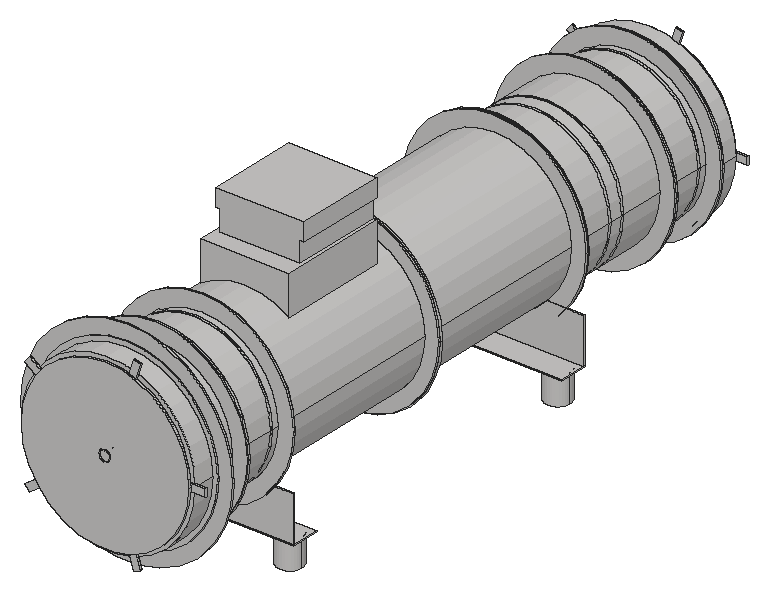
Revit family "HARMANN - MAXEE_HT - poziomy", category Mechanical Equipment, host Face, Revit 2022
Family settings
  Host = Face
  Round Connector Dimension = Use Diameter
  Classification = None
  Part Type = Normal
  Cut with Voids When Loaded = No
  Maintain Annotation Orientation = No
  Shared = No
  Room Calculation Point = No
Parameters (values of type "MAXEE.HT 315/2/5800T")
  Zaznacz wybrane akcesoria [instance] = "Wybierz akcesoria"  # constant formula
  Zasilanie natężenie maksymalne Imax = 1.9 A
  Zasilanie napięcie nominalne Unom = 400 V  # constant formula
  Zasilanie Moc maksymalna Pmax = 1386 W
  Zasilanie Ilość faz = 3  # constant formula
  Zasilanie Częstotliwość Nominalna fnom = 50 Hz  # constant formula
  Zasilanie Częstotliwość Minimalna fmin = 20 Hz  # constant formula
  Zasilanie Częstotliwość Maksymalna fmax = 60 Hz
  Wysokość FSD = size_lookup(Lookup Table Name, "Wysokość FSD", 1.00 mm, N1)  # 57.00 mm
  Wysokość FAL = size_lookup(Lookup Table Name, "Wysokość FAL", 1.00 mm, N1)  # 98.00 mm
  Wysokość = R2 - (Wysokość FAL / 2) + 8.00 mm  # 116.50 mm
  Temperatura pracy T = 60 °C  # constant formula
  TRA [instance] = and(D > 999.00 mm, D < 1251.00 mm)  # no
  Rzeczywista Wartość Przepływu Wylot [instance] = Podaj Rzeczywistą Wartość Przepływu Wylot  # 0.0 m³/h
  Rzeczywista Wartość Przepływu Wlot [instance] = Podaj Rzeczywistą Wartość Przepływu Wlot  # 0.0 m³/h
  R2 = D / 2  # 157.50 mm
  Wyłącznik serwisowy GS F4 [instance] = 1 = 1  # yes
  Podaj Rzeczywistą Wartość Przepływu Wylot [instance] = 0.0 m³/h
  Podaj Rzeczywistą Wartość Przepływu Wlot [instance] = 0.0 m³/h
  Odległość pomiędzy stopami wentylatora [instance] = if(Czy Przyłącze okrągłe RVS, 3.00 mm, Długość RVS SPR + 3.00 mm)  # 3.00 mm
  Długość RVS SPR [instance] = if(Czy Przyłącze okrągłe RVS, Długość RVS, 0.00 mm)  # 383.00 mm
  Długość RVK H F4 SPR [instance] = if(Czy Klapa Zwrotna RVK H F4, Długość RVK H F4, 0.00 mm)  # 233.00 mm
  Długość RVK H F4 [instance] = size_lookup(Lookup Table Name, "Długość RVK H F4", 1.00 mm, N1)  # 233.00 mm
  Długość RAS F4 od strony tłoczonej SPR [instance] = if(Czy Złącze Elastyczne RAS F4, Długość RAS F4, 0.00 mm)  # 120.00 mm
  Długość RAS F4 SPR [instance] = if(Czy Złącze Elastyczne RAS F4 od strony tłocznej, Długość RAS F4, 0.00 mm)  # 120.00 mm
  Długość RAF SPR [instance] = if(Czy Kołnierz Wlotowy RAF od strony tłocznej, Długość RAF, 0.00 mm)  # 48.00 mm
  Długość ESD SPR [instance] = if(Czy Dysza wlotowa ESD, Długość ESD, 0.00 mm)  # 79.00 mm
  Czy Siatka Ochronna SGW od strony ssawnej [instance] = yes
  Czy Siatka Ochronna SGW od strony tłocznej [instance] = yes
  Czy Przyłącze okrągłe RVS [instance] = yes
  Powietrze ciśnienie statyczne maksymalne dPmax = 490.0 Pa
  Powietrze Przepływ Maksymalny Qmax = 5810.0 m³/h
  Obroty nominalne nnom = 2880.000 RPM
  Numer artykułu = size_lookup(Lookup Table Name, "Numer artykułu", "n/a", N1)  # "15470300"
  N1 = 2 mm
  Model = size_lookup(Lookup Table Name, "Model", "n/a", N1)  # "MAXEE.HT 315/2/5800T"
  Moc akustyczna nominalna obudowa Lwa = "75 dB(A)"
  Masa = 18.50 kg
  Manufacturer = "Harmann Polska Sp. z o.o."  # constant formula
  MAXEE_HT = HARMANN - MAXEE_HT : MAXEE.HT 315/2/5800T
  Lookup Table Name = "MAXEE_HT"
  Klasa odporności ogniowej Tmax = "400 [oC/2h]"  # constant formula
  F = size_lookup(Lookup Table Name, "F", 1.00 mm, N1)  # 396.00 mm
  Długość TRA [instance] = if(Czy Przyłącze okrągłe RVS, Długość RVS + Długość MAXEE - (23.50 mm * 2), Długość MAXEE - (23.50 mm * 2))  # 719.00 mm
  Długość RVS [instance] = size_lookup(Lookup Table Name, "Długość RVS", 1.00 mm, N1)  # 383.00 mm
  Długość RAS F4 [instance] = size_lookup(Lookup Table Name, "Długość RAS F4", 1.00 mm, N1)  # 120.00 mm
  Długość RAF [instance] = size_lookup(Lookup Table Name, "Długość RAF", 1.00 mm, N1)  # 48.00 mm
  Długość MAXEE = size_lookup(Lookup Table Name, "B", 1.00 mm, N1)  # 383.00 mm
  Długość ESD [instance] = size_lookup(Lookup Table Name, "Długość ESD", 1.00 mm, N1)  # 79.00 mm
  Description = "Kanałowy wentylator oddymiający"  # constant formula
  Default Elevation = 1219.20 mm
  D2 = D + 6.00 mm  # 321.00 mm
  D = size_lookup(Lookup Table Name, "D", 1.00 mm, N1)  # 315.00 mm
  Czy Złącze Elastyczne RAS F4 [instance] = yes
  Czy Złącze Elastyczne RAS F4 od strony tłocznej [instance] = yes
  Czy Kołnierz Wlotowy RAF od strony tłocznej [instance] = 1 = 1  # yes
  Czy Kołnierz Wlotowy RAF od strony ssawnej [instance] = 1 = 1  # yes
  Czy Klapa Zwrotna RVK H F4 [instance] = yes
  Czy Dysza wlotowa ESD [instance] = yes
  Ciśnienie akustyczne nominalne obudowa Lpa = "68 dB(A)"
  C = size_lookup(Lookup Table Name, "C", 1.00 mm, N1)  # 355.00 mm
  B = size_lookup(Lookup Table Name, "B", 1.00 mm, N1)  # 383.00 mm
  Autor = "https://www.archispace.com/"
  Akcesoria od strony tłocznej (WYLOT) [instance] = "Akcesoria od strony tłocznej"  # constant formula
  Akcesoria od strony ssawnej (WLOT) [instance] = "Akcesoria od strony ssawnej"  # constant formula
  Akc SGE dla ESD = HARMANN - Akcesoria - SGE : SGE 355
  Akc SGE = HARMANN - Akcesoria - SGE : SGE 315
  Akc RVS = HARMANN - Akcesoria - RVS : RVS 315
  Akc RVK H F4 = HARMANN - Akcesoria - RVK H F4 : RVK H 315 F4
  Akc RAS F4 = HARMANN - Akcesoria - RAS F4 : RAS 315 F4
  Akc RAF = HARMANN - Akcesoria - RAF : RAF 315
  Akc FSD = HARMANN - Akcesoria - FSD : FSD 01
  Akc FAL = HARMANN - Akcesoria - FAL : FAL 315
  Akc ESD = HARMANN - Akcesoria - ESD : ESD 315
  A = size_lookup(Lookup Table Name, "A", 1.00 mm, N1)  # 380.00 mm
Reference planes
  plane 1 "Center (Front/Back)": y = 0
  plane 2: z = 0
  plane 3 "Center (Left/Right)": x = 0
  plane 4: z = 57
  plane 5: z = 271.5
  plane 6: y = 766
  plane 7: y = 383
  plane 8: y = -120
  plane 9: y = -199
  plane 10: y = 1119
  plane 11: y = 1167
  plane 12: y = 999
  plane 13: y = 54
  plane 14: y = 763
  plane 15: x = -190
  plane 16: x = 190
  plane 17: z = 155
  plane 18: y = -247
Dimensions and locks
  "Wysokość FSD": plane 4 to level
  "Wysokość": plane 5 to plane 17
  "Długość RVS SPR": plane 6 to plane 7
  "Długość MAXEE": plane 1 "Center (Front/Back)" to plane 7
  "Długość RAS F4 od strony tłoczonej SPR": plane 8 to plane 1 "Center (Front/Back)"
  "Długość ESD SPR": plane 8 to plane 9
  "Długość RAF SPR": plane 11 to plane 10
  "Długość RVK H F4 SPR": plane 12 to plane 6
  "Długość RAS F4 SPR": plane 10 to plane 12
  locked: plane 13 to plane 1 "Center (Front/Back)" at 54
  "Odległość pomiędzy stopami wentylatora": plane 6 to plane 14
  equal spacing: plane 15, plane 3 "Center (Left/Right)", plane 16
  "A": plane 15 to plane 16
  locked: plane 15 to nested 17 at 32.5
  locked: plane 14 to nested 17 at 5
  "Wysokość FAL": plane 17 to plane 4
  locked: nested 21 to plane 16 at 32.5
  locked: plane 14 to nested 21 at 31
  locked: plane 1 "Center (Front/Back)" to nested 23 at 31
  locked: plane 1 "Center (Front/Back)" to nested 22 at 31
  locked: plane 15 to nested 22 at 32.5
  locked: nested 23 to plane 16 at 32.5
  plane 5 to level = 271.50 mm
  locked: plane 1 "Center (Front/Back)" to nested 24 at 23.5
  locked: plane 1 "Center (Front/Back)" to nested 25 at 23.5
  "Długość RAF SPR": plane 9 to plane 18
  nested 26 to plane 16 = 190.00 mm
  aligned and locked: plane 2 to host face
  aligned and locked: level to host face
  aligned and locked: plane 3 "Center (Left/Right)" to nested 3
  aligned and locked: plane 5 to nested 3
  aligned and locked: nested 3 to plane 6
  aligned and locked: plane 1 "Center (Front/Back)" to nested 5
  aligned and locked: plane 3 "Center (Left/Right)" to nested 5
  aligned and locked: plane 5 to nested 5
  aligned and locked: plane 3 "Center (Left/Right)" to nested 1
  aligned and locked: plane 3 "Center (Left/Right)" to nested 6
  aligned and locked: plane 3 "Center (Left/Right)" to nested 2
  aligned and locked: plane 5 to nested 7
  aligned and locked: plane 5 to nested 6
  aligned and locked: plane 5 to nested 1
  aligned and locked: plane 5 to nested 2
  aligned and locked: plane 1 "Center (Front/Back)" to nested 6
  aligned and locked: nested 7 to plane 9
  aligned and locked: plane 3 "Center (Left/Right)" to nested 7
  aligned and locked: nested 1 to plane 10
  aligned and locked: nested 2 to plane 11
  aligned and locked: plane 5 to nested 12
  aligned and locked: plane 3 "Center (Left/Right)" to nested 12
  aligned and locked: nested 12 to plane 12
  aligned and locked: nested 15 to plane 3 "Center (Left/Right)"
  aligned and locked: plane 3 "Center (Left/Right)" to nested 16
  aligned and locked: nested 16 to plane 11
  aligned and locked: nested 19 to plane 14
  aligned and locked: plane 3 "Center (Left/Right)" to nested 19
  aligned and locked: plane 1 "Center (Front/Back)" to nested 20
  aligned and locked: nested 20 to plane 3 "Center (Left/Right)"
  aligned and locked: nested 19 to plane 4
  aligned and locked: plane 4 to nested 20
  aligned and locked: nested 24 to plane 16
  aligned and locked: nested 25 to plane 15
  aligned and locked: nested 25 to plane 4
  aligned and locked: plane 4 to nested 24
  aligned and locked: nested 26 to plane 3 "Center (Left/Right)"
  aligned and locked: nested 15 to plane 18
  aligned and locked: plane 5 to nested 26
  aligned and locked: plane 5 to nested 15
  aligned and locked: nested 26 to plane 18
  aligned and locked: plane 5 to nested 16
Automatic sketch dimensions
  host sketch curve to host sketch curve = 2438.40 mm  (x2)
Nested families
  nested 1: "HARMANN - Akcesoria - RAS F4" at (0, 999, 271.5), visible <- "Czy Złącze Elastyczne RAS F4 od strony tłocznej", type <- "Akc RAS F4", type "RAS 315 F4"
  nested 2: "HARMANN - Akcesoria - RAF" at (0, 1119, 271.5), type <- "Akc RAF", visible <- "Czy Kołnierz Wlotowy RAF od strony tłocznej", type "RAF 315"
  nested 3: "HARMANN - Akcesoria - RVS" at (0, 383, 271.5), type <- "Akc RVS", visible <- "Czy Przyłącze okrągłe RVS", type "RVS 315"
  nested 4: "HARMANN - Akcesoria - RVS" at (0, 383, 758), type <- "Akc RVS", visible <- "Czy Przyłącze okrągłe RVS", type "RVS 315", not visible
  nested 5: "HARMANN - MAXEE_HT" at (0, 0, 271.5), type <- "MAXEE_HT", type "MAXEE.HT 315/2/5800T"
  nested 6: "HARMANN - Akcesoria - RAS F4" at (0, -120, 271.5), visible <- "Czy Złącze Elastyczne RAS F4", type <- "Akc RAS F4", type "RAS 315 F4"
  nested 7: "HARMANN - Akcesoria - ESD" at (0, -199, 271.5), type <- "Akc ESD", visible <- "Czy Dysza wlotowa ESD", type "ESD 315"
  nested 8: "HARMANN - Akcesoria - RAS F4" at (0, -120, 758), visible <- "Czy Złącze Elastyczne RAS F4", type <- "Akc RAS F4", type "RAS 315 F4", not visible
  nested 9: "HARMANN - Akcesoria - ESD" at (0, -759, 758), type <- "Akc ESD", visible <- "Czy Dysza wlotowa ESD", type "ESD 315", not visible
  nested 10: "HARMANN - Akcesoria - RAS F4" at (0, 1306, 758), visible <- "Czy Złącze Elastyczne RAS F4 od strony tłocznej", type <- "Akc RAS F4", type "RAS 315 F4", not visible
  nested 11: "HARMANN - Akcesoria - RAF" at (0, 1526, 758), type <- "Akc RAF", visible <- "Czy Kołnierz Wlotowy RAF od strony tłocznej", type "RAF 315", not visible
  nested 12: "HARMANN - Akcesoria - RVK H F4" at (0, 766, 271.5), visible <- "Czy Klapa Zwrotna RVK H F4", type <- "Akc RVK H F4", type "RVK H 315 F4"
  nested 13: "HARMANN - Akcesoria - RVK H F4" at (0, 833, 415.5), visible <- "Czy Klapa Zwrotna RVK H F4", type <- "Akc RVK H F4", type "RVK H 315 F4", not visible
  nested 14: "HARMANN - Akcesoria - SGE" at (0, -431, 758), visible <- "Czy Siatka Ochronna SGW od strony ssawnej", type <- "Akc SGE dla ESD", type "SGE 355", not visible
  nested 15: "HARMANN - Akcesoria - SGE" at (0, -247, 271.5), visible <- "Czy Siatka Ochronna SGW od strony ssawnej", type <- "Akc SGE dla ESD", type "SGE 355"
  nested 16: "HARMANN - Akcesoria - SGE" at (0, 1167, 271.5), visible <- "Czy Siatka Ochronna SGW od strony tłocznej", type <- "Akc SGE dla ESD", type "SGE 355"
  nested 17: "HARMANN - Akcesoria - FSD" at (-157.5, 732, 0), type <- "Akc FSD", type "FSD 01"
  nested 18: "HARMANN - Akcesoria - SGE" at (0, 1167, 647), visible <- "Czy Siatka Ochronna SGW od strony tłocznej", type <- "Akc SGE dla ESD", type "SGE 355", not visible
  nested 19: "HARMANN - Akcesoria - FAL" at (0, 763, 57), type <- "Akc FAL", R2 <- "R2", type "FAL 315"
    with R2 157.50 mm
  nested 20: "HARMANN - Akcesoria - FAL" at (0, 0, 57), type <- "Akc FAL", R2 <- "R2", type "FAL 315"
    with R2 157.50 mm
  nested 21: "HARMANN - Akcesoria - FSD" at (157.5, 732, 0), type <- "Akc FSD", type "FSD 01"
  nested 22: "HARMANN - Akcesoria - FSD" at (-157.5, 31, 0), type <- "Akc FSD", type "FSD 01"
  nested 23: "HARMANN - Akcesoria - FSD" at (157.5, 31, 0), type <- "Akc FSD", type "FSD 01"
  nested 24: "HARMANN - Akcesoria - TRA" at (190, 383, 57) x (0, 1, 0) z (0, 0, 1), visible <- "TRA", C <- "Długość TRA", type "HARMANN - Akcesoria - TRA"
    with C 719.00 mm
  nested 25: "HARMANN - Akcesoria - TRA" at (-190, 383, 57) x (0, 1, 0) z (0, 0, 1), visible <- "TRA", C <- "Długość TRA", type "HARMANN - Akcesoria - TRA"
    with C 719.00 mm
  nested 26: "HARMANN - Akcesoria - RAF" at (0, -199, 271.5), type <- "Akc RAF", visible <- "Czy Kołnierz Wlotowy RAF od strony ssawnej", type "RAF 315"
  nested 27: "HARMANN - Akcesoria - RAF" at (0, -799, 727), type <- "Akc RAF", visible <- "Czy Kołnierz Wlotowy RAF od strony ssawnej", type "RAF 315", not visible
Connectors
  electrical at (0, 244.75, 564), driven by "Zasilanie Ilość faz", driven by "Zasilanie napięcie nominalne Unom", driven by "Zasilanie Moc maksymalna Pmax", driven by "Zasilanie Moc maksymalna Pmax"
    settings: on nested 5, index 1, voltage 400 V, apparent load 1386 VA, apparent load phase1 1386 VA, apparent load phase2 0 VA, apparent load phase3 0 VA, power factor 1, load classification "Other", number of poles 3, system type 30, power factor state 1, is connector primary yes, connector utility no, sub classification motor no, connector description ""
  hvac at (0, 1119, 271.5), driven by "D", driven by "Rzeczywista Wartość Przepływu Wylot"
    settings: on nested 2, index 2, duct flow 0.0 m³/h, flow factor 0, pres drop 0.0 Pa, loss coef 0, conn angle 0.00°, conn width 304.8 mm, conn height 304.8 mm, conn diameter 315 mm, duct sys type 29, conn prof type 0, flow config 0, flow direction 2, loss method 0, conn ref index -1, conn util no, is conn primary yes, conn desc ""
  hvac at (0, -199, 271.5), driven by "D", driven by "Rzeczywista Wartość Przepływu Wlot"
    settings: on nested 26, index 3, duct flow 0.0 m³/h, flow factor 0, pres drop 0.0 Pa, loss coef 0, conn angle 0.00°, conn width 304.8 mm, conn height 304.8 mm, conn diameter 315 mm, duct sys type 29, conn prof type 0, flow config 1, flow direction 1, loss method 0, conn ref index -1, conn util no, is conn primary no, conn desc ""
Definition of nested family "HARMANN - Akcesoria - RAS F4"
  Parameters (values of type "RAS 315 F4")
    N1 = 1 mm
    Model = size_lookup(Lookup Table Name, "Model", "n/a", N1)  # "RAS 315 F4"
    Masa = 2.70 kg
    Manufacturer = "Harmann Polska Sp. z o.o."  # constant formula
    Lookup Table Name = "RAS F4"
    E = size_lookup(Lookup Table Name, "E", 1.00 mm, N1)  # 120.00 mm
    Description = "Złącze elastyczne"  # constant formula
    Default Elevation = 0.00 mm
    D = B + 4.00 mm  # 319.00 mm
    B = size_lookup(Lookup Table Name, "B", 1.00 mm, N1)  # 315.00 mm
    A2 = A + 30.00 mm  # 385.00 mm
    A = size_lookup(Lookup Table Name, "A", 1.00 mm, N1)  # 355.00 mm
  Types (13, lengths in mm): name | N1 | Model | Masa | E | D | B | A2 | A
    RAS 1000 F4 | 11 | "RAS 1000 F4" | 16.50 kg | 245.00 | 1004.00 | 1000.00 | 1100.00 | 1070.00
    RAS 315 F4 | 1 | "RAS 315 F4" | 2.70 kg | 120.00 | 319.00 | 315.00 | 385.00 | 355.00
    RAS 355 F4 | 2 | "RAS 355 F4" | 3.30 kg | 120.00 | 359.00 | 355.00 | 425.00 | 395.00
    RAS 400 F4 | 3 | "RAS 400 F4" | 3.70 kg | 105.00 | 404.00 | 400.00 | 480.00 | 450.00
    RAS 450 F4 | 4 | "RAS 450 F4" | 4.50 kg | 105.00 | 454.00 | 450.00 | 530.00 | 500.00
    RAS 500 F4 | 5 | "RAS 500 F4" | 6.00 kg | 153.00 | 504.00 | 500.00 | 590.00 | 560.00
    RAS 560 F4 | 6 | "RAS 560 F4" | 6.60 kg | 153.00 | 564.00 | 560.00 | 650.00 | 620.00
    RAS 630 F4 | 7 | "RAS 630 F4" | 7.40 kg | 153.00 | 634.00 | 630.00 | 720.00 | 690.00
    RAS 710 F4 | 8 | "RAS 710 F4" | 12.50 kg | 255.00 | 714.00 | 710.00 | 800.00 | 770.00
    RAS 800 F4 | 9 | "RAS 800 F4" | 13.20 kg | 255.00 | 804.00 | 800.00 | 890.00 | 860.00
    RAS 900 F4 | 10 | "RAS 900 F4" | 14.90 kg | 245.00 | 904.00 | 900.00 | 1000.00 | 970.00
    RAS 1120 F4 | 12 | "RAS 1120 F4" | 18.50 kg | 235.00 | 1124.00 | 1120.00 | 1220.00 | 1190.00
    RAS 1250 F4 | 13 | "RAS 1250 F4" | 20.60 kg | 235.00 | 1254.00 | 1250.00 | 1350.00 | 1320.00
  Reference planes
    plane 1 "Center (Front/Back)": y = 0
    plane 2: z = 0
    plane 3 "Center (Left/Right)": x = 0
    plane 4: x = -177.5
    plane 5: x = 177.5
    plane 6: z = 177.5
    plane 7: z = -177.5
    plane 8: y = 120
    plane 9 "Center L/S": y = 3
    plane 10: y = 117
    plane 11: y = 20
    plane 12: y = 100
  Forms (mm)
    Sweep 1, solid, detail levels medium+fine
      path origin (0, 0, 0) x (1, 0, 0) y (0, 1, 0)
        loop
          line (0, 117) -> (0, 3)
      profile origin (0, 60, 0) x (1, 0, 0) y (0, 0, 1)
        loop
          circle (0, 0) r 159.5
        loop
          circle (0, 0) r 157.5
    Sweep 2, solid, detail levels medium+fine
      path origin (0, 0, 0) x (1, 0, 0) y (0, 1, 0)
        loop
          line (0, 120) -> (0, 117)
      profile origin (0, 118.5, 0) x (1, 0, 0) y (0, 0, 1)
        loop
          circle (0, 0) r 192.5
        loop
          circle (0, 0) r 157.5
    Sweep 3, solid, detail levels medium+fine
      path origin (0, 0, 0) x (1, 0, 0) y (0, 1, 0)
        loop
          line (0, 3) -> (0, 0)
      profile origin (0, 1.5, 0) x (1, 0, 0) y (0, 0, 1)
        loop
          circle (0, 0) r 192.5
        loop
          circle (0, 0) r 157.5
    Sweep 4, solid, detail levels coarse
      path origin (0, 0, 0) x (1, 0, 0) y (0, 1, 0)
        loop
          line (0, 120) -> (0, 0)
      profile origin (0, 60, 0) x (1, 0, 0) y (0, 0, 1)
        loop
          circle (0, 0) r 192.5
    Sweep 5, solid, detail levels medium+fine
      path origin (0, 0, 0) x (1, 0, 0) y (0, 1, 0)
        loop
          line (0, 102) -> (0, 98)
      profile origin (0, 100, 0) x (1, 0, 0) y (0, 0, 1)
        loop
          circle (0, 0) r 159.5
        loop
          circle (0, 0) r 157.5
    Sweep 6, solid, detail levels medium+fine
      path origin (0, 0, 0) x (1, 0, 0) y (0, 1, 0)
        loop
          line (0, 22) -> (0, 18)
      profile origin (0, 20, 0) x (1, 0, 0) y (0, 0, 1)
        loop
          circle (0, 0) r 159.5
        loop
          circle (0, 0) r 157.5
  Dimensions and locks
    equal spacing: plane 5, plane 3 "Center (Left/Right)", plane 4
    "A": plane 5 to plane 4
    equal spacing: plane 6, level, plane 7
    "A": plane 6 to plane 7
    locked: plane 1 "Center (Front/Back)" to plane 9 "Center L/S" at 3
    locked: plane 10 to plane 8 at 3
    locked: plane 11 to plane 8 at 100
    "E": plane 1 "Center (Front/Back)" to plane 8
    locked: plane 1 "Center (Front/Back)" to plane 12 at 100
    equal spacing: Sweep 5 sketch curve, plane 12, Sweep 5 sketch curve
    Sweep 5 sketch curve to Sweep 5 sketch curve = 4.00 mm
    locked: Sweep 6 sketch curve to Sweep 6 sketch curve at 4
    equal spacing: Sweep 6 sketch curve, plane 11, Sweep 6 sketch curve
    "B": diameter of Sweep 1 sketch curve
    "B": diameter of Sweep 2 sketch curve
    "A2": diameter of Sweep 2 sketch curve
    "B": diameter of Sweep 3 sketch curve
    "A2": diameter of Sweep 3 sketch curve
    "A2": diameter of Sweep 4 sketch curve
    "D": diameter of Sweep 1 sketch curve
    "D": diameter of Sweep 5 sketch curve
    "B": diameter of Sweep 5 sketch curve
    "D": diameter of Sweep 6 sketch curve
    "B": diameter of Sweep 6 sketch curve
    aligned and locked: level to plane 2
    aligned and locked: Sweep 1 sketch curve to plane 3 "Center (Left/Right)"
    aligned and locked: plane 10 to Sweep 1 sketch curve
    aligned and locked: plane 9 "Center L/S" to Sweep 1 sketch curve
    aligned and locked: Sweep 2 sketch curve to plane 3 "Center (Left/Right)"
    aligned and locked: plane 8 to Sweep 2 sketch curve
    aligned and locked: plane 10 to Sweep 2 sketch curve
    aligned and locked: plane 1 "Center (Front/Back)" to Sweep 3 sketch curve
    aligned and locked: plane 9 "Center L/S" to Sweep 3 sketch curve
    aligned and locked: plane 8 to Sweep 4 sketch curve
    aligned and locked: plane 1 "Center (Front/Back)" to Sweep 4 sketch curve
  Automatic sketch dimensions
    Sweep 3 sketch curve to plane 3 "Center (Left/Right)" = 0.00 mm
    Sweep 4 sketch curve to plane 3 "Center (Left/Right)" = 0.00 mm
    Sweep 5 sketch curve to plane 3 "Center (Left/Right)" = 0.00 mm
    Sweep 6 sketch curve to plane 3 "Center (Left/Right)" = 0.00 mm
    Sweep 1 sketch curve to Sweep 1 sketch curve = 0.00 mm  (x2)
    Sweep 1 sketch curve to level = 0.00 mm
    profile plane to Sweep 1 sketch curve = 0.00 mm
    Sweep 2 sketch curve to Sweep 2 sketch curve = 0.00 mm  (x2)
    Sweep 2 sketch curve to level = 0.00 mm
    profile plane to Sweep 2 sketch curve = 0.00 mm
    Sweep 3 sketch curve to Sweep 3 sketch curve = 0.00 mm  (x2)
    Sweep 3 sketch curve to level = 0.00 mm
    profile plane to Sweep 3 sketch curve = 0.00 mm
    Sweep 4 sketch curve to level = 0.00 mm
    profile plane to Sweep 4 sketch curve = 0.00 mm
    Sweep 5 sketch curve to Sweep 5 sketch curve = 0.00 mm  (x2)
    Sweep 5 sketch curve to level = 0.00 mm
    profile plane to Sweep 5 sketch curve = 0.00 mm
    Sweep 6 sketch curve to Sweep 6 sketch curve = 0.00 mm  (x2)
    Sweep 6 sketch curve to level = 0.00 mm
    profile plane to Sweep 6 sketch curve = 0.00 mm
Definition of nested family "HARMANN - Akcesoria - RAF"
  Parameters (values of type "RAF 1250")
    Numer artykułu = size_lookup(Lookup Table Name, "Numer artykułu", "n/a", N1)  # "15750300"
    N1 = 13 mm
    Model = size_lookup(Lookup Table Name, "Model", "n/a", N1)  # "RAF 1250"
    Manufacturer = "Harmann Polska Sp. z o.o."  # constant formula
    Lookup Table Name = "RAF"
    E = size_lookup(Lookup Table Name, "E", 1.00 mm, N1)  # 105.00 mm
    Description = "Kołnierz wlotowy dedykowany dla wentylatorów kanałowych MAXEE."
    Default Elevation = 0.00 mm
    B = size_lookup(Lookup Table Name, "B", 1.00 mm, N1)  # 1244.00 mm
    A2 = A + 30.00 mm  # 1350.00 mm
    B2 = B + 54.00 mm  # 1298.00 mm
    A = size_lookup(Lookup Table Name, "A", 1.00 mm, N1)  # 1320.00 mm
  Types (13, lengths in mm): name | Numer artykułu | N1 | Model | E | B | A2 | B2 | A
    RAF 1000 | "15741400" | 11 | "RAF 1000" | 110.00 | 994.00 | 1100.00 | 1048.00 | 1070.00
    RAF 315 | "15401600" | 1 | "RAF 315" | 48.00 | 310.00 | 385.00 | 364.00 | 355.00
    RAF 355 | "15401800" | 2 | "RAF 355" | 48.00 | 350.00 | 425.00 | 404.00 | 395.00
    RAF 400 | "15401900" | 3 | "RAF 400" | 40.00 | 395.00 | 480.00 | 449.00 | 450.00
    RAF 450 | "15402000" | 4 | "RAF 450" | 40.00 | 446.00 | 530.00 | 500.00 | 500.00
    RAF 500 | "15402100" | 5 | "RAF 500" | 63.00 | 495.00 | 590.00 | 549.00 | 560.00
    RAF 560 | "15402200" | 6 | "RAF 560" | 63.00 | 555.00 | 650.00 | 609.00 | 620.00
    RAF 630 | "15402300" | 7 | "RAF 630" | 63.00 | 625.00 | 720.00 | 679.00 | 690.00
    RAF 710 | "15402400" | 8 | "RAF 710" | 59.00 | 705.00 | 800.00 | 759.00 | 770.00
    RAF 800 | "15739500" | 9 | "RAF 800" | 58.00 | 794.00 | 890.00 | 848.00 | 860.00
    RAF 900 | "15740600" | 10 | "RAF 900" | 53.00 | 894.00 | 1000.00 | 948.00 | 970.00
    RAF 1120 | "15749700" | 12 | "RAF 1120" | 105.00 | 1114.00 | 1220.00 | 1168.00 | 1190.00
    RAF 1250 | "15750300" | 13 | "RAF 1250" | 105.00 | 1244.00 | 1350.00 | 1298.00 | 1320.00
  Reference planes
    plane 1 "Center (Front/Back)": y = 0
    plane 2: z = 0
    plane 3 "Center (Left/Right)": x = 0
    plane 4: x = -660
    plane 5: x = 660
    plane 6: z = 660
    plane 7: z = -660
    plane 8: y = 105
    plane 9 "Center L/S": y = 3
  Forms (mm)
    Sweep 1, solid, detail levels medium+fine
      path origin (0, 0, 0) x (1, 0, 0) y (0, 1, 0)
        loop
          line (0, 105) -> (0, 3)
      profile origin (0, 54, 0) x (1, 0, 0) y (0, 0, 1)
        loop
          circle (0, 0) r 622
        loop
          circle (0, 0) r 649
    Sweep 2, solid, detail levels medium+fine
      path origin (0, 0, 0) x (1, 0, 0) y (0, 1, 0)
        loop
          line (0, 3) -> (0, 0)
      profile origin (0, 1.5, 0) x (1, 0, 0) y (0, 0, 1)
        loop
          circle (0, 0) r 675
        loop
          circle (0, 0) r 622
    Sweep 3, solid, detail levels coarse
      path origin (0, 0, 0) x (1, 0, 0) y (0, 1, 0)
        loop
          line (0, 105) -> (0, 0)
      profile origin (0, 52.5, 0) x (1, 0, 0) y (0, 0, 1)
        loop
          circle (0, 0) r 675
  Dimensions and locks
    equal spacing: plane 5, plane 3 "Center (Left/Right)", plane 4
    "A": plane 5 to plane 4
    equal spacing: plane 6, level, plane 7
    "A": plane 6 to plane 7
    locked: plane 1 "Center (Front/Back)" to plane 9 "Center L/S" at 3
    "E": plane 1 "Center (Front/Back)" to plane 8
    "B2": diameter of Sweep 1 sketch curve
    "B": diameter of Sweep 2 sketch curve
    "A2": diameter of Sweep 2 sketch curve
    "A2": diameter of Sweep 3 sketch curve
    "B": diameter of Sweep 1 sketch curve
    aligned and locked: level to plane 2
    aligned and locked: Sweep 1 sketch curve to plane 3 "Center (Left/Right)"
    aligned and locked: plane 9 "Center L/S" to Sweep 1 sketch curve
    aligned and locked: plane 1 "Center (Front/Back)" to Sweep 2 sketch curve
    aligned and locked: plane 9 "Center L/S" to Sweep 2 sketch curve
    aligned and locked: plane 8 to Sweep 3 sketch curve
    aligned and locked: plane 1 "Center (Front/Back)" to Sweep 3 sketch curve
    aligned and locked: plane 8 to Sweep 1 sketch curve
  Automatic sketch dimensions
    Sweep 2 sketch curve to plane 3 "Center (Left/Right)" = 0.00 mm
    Sweep 3 sketch curve to plane 3 "Center (Left/Right)" = 0.00 mm
    Sweep 1 sketch curve to Sweep 1 sketch curve = 0.00 mm  (x2)
    Sweep 1 sketch curve to level = 0.00 mm
    profile plane to Sweep 1 sketch curve = 0.00 mm
    Sweep 2 sketch curve to Sweep 2 sketch curve = 0.00 mm  (x2)
    Sweep 2 sketch curve to level = 0.00 mm
    profile plane to Sweep 2 sketch curve = 0.00 mm
    Sweep 3 sketch curve to level = 0.00 mm
    profile plane to Sweep 3 sketch curve = 0.00 mm
Definition of nested family "HARMANN - Akcesoria - RVS"
  Parameters (values of type "RVS 1250")
    N1 = 13 mm
    Model = size_lookup(Lookup Table Name, "Model", "n/a", N1)  # "RVS 1250"
    Manufacturer = "Harmann Polska Sp. z o.o."  # constant formula
    Lookup Table Name = "RVS"
    E = size_lookup(Lookup Table Name, "E", 1.00 mm, N1)  # 308.00 mm
    Description = "Przyłącze okrągłe"  # constant formula
    Default Elevation = 0.00 mm
    B2 = B + 6.00 mm  # 1256.00 mm
    B = size_lookup(Lookup Table Name, "B", 1.00 mm, N1)  # 1250.00 mm
    A2 = A + 30.00 mm  # 1350.00 mm
    A = size_lookup(Lookup Table Name, "A", 1.00 mm, N1)  # 1320.00 mm
  Types (13, lengths in mm): name | N1 | Model | E | B2 | B | A2 | A
    RVS 1000 | 11 | "RVS 1000" | 318.00 | 1006.00 | 1000.00 | 1100.00 | 1070.00
    RVS 315 | 1 | "RVS 315" | 383.00 | 321.00 | 315.00 | 385.00 | 355.00
    RVS 355 | 2 | "RVS 355" | 368.00 | 321.00 | 315.00 | 385.00 | 355.00
    RVS 400 | 3 | "RVS 400" | 368.00 | 406.00 | 400.00 | 480.00 | 450.00
    RVS 450 | 4 | "RVS 450" | 368.00 | 456.00 | 450.00 | 530.00 | 500.00
    RVS 500 | 5 | "RVS 500" | 443.00 | 506.00 | 500.00 | 590.00 | 560.00
    RVS 560 | 6 | "RVS 560" | 443.00 | 566.00 | 560.00 | 650.00 | 620.00
    RVS 630 | 7 | "RVS 630" | 443.00 | 636.00 | 630.00 | 720.00 | 690.00
    RVS 710 | 8 | "RVS 710" | 433.00 | 716.00 | 710.00 | 800.00 | 770.00
    RVS 800 | 9 | "RVS 800" | 328.00 | 806.00 | 800.00 | 890.00 | 860.00
    RVS 900 | 10 | "RVS 900" | 318.00 | 906.00 | 900.00 | 1000.00 | 970.00
    RVS 1120 | 12 | "RVS 1120" | 308.00 | 1126.00 | 1120.00 | 1220.00 | 1190.00
    RVS 1250 | 13 | "RVS 1250" | 308.00 | 1256.00 | 1250.00 | 1350.00 | 1320.00
  Reference planes
    plane 1 "Center (Front/Back)": y = 0
    plane 2: z = 0
    plane 3 "Center (Left/Right)": x = 0
    plane 4: x = -660
    plane 5: x = 660
    plane 6: z = 660
    plane 7: z = -660
    plane 8: y = 308
    plane 9 "Center L/S": y = 3
    plane 10: y = 305
    plane 11: y = 208
    plane 12: y = 318
  Forms (mm)
    Sweep 1, solid, detail levels medium+fine
      path origin (0, 0, 0) x (1, 0, 0) y (0, 1, 0)
        loop
          line (0, 305) -> (0, 3)
      profile origin (0, 154, 0) x (1, 0, 0) y (0, 0, 1)
        loop
          circle (0, 0) r 628
        loop
          circle (0, 0) r 625
    Sweep 2, solid, detail levels medium+fine
      path origin (0, 0, 0) x (1, 0, 0) y (0, 1, 0)
        loop
          line (0, 308) -> (0, 305)
      profile origin (0, 306.5, 0) x (1, 0, 0) y (0, 0, 1)
        loop
          circle (0, 0) r 675
        loop
          circle (0, 0) r 625
    Sweep 3, solid, detail levels medium+fine
      path origin (0, 0, 0) x (1, 0, 0) y (0, 1, 0)
        loop
          line (0, 3) -> (0, 0)
      profile origin (0, 1.5, 0) x (1, 0, 0) y (0, 0, 1)
        loop
          circle (0, 0) r 675
        loop
          circle (0, 0) r 625
    Sweep 4, solid, detail levels coarse
      path origin (0, 0, 0) x (1, 0, 0) y (0, 1, 0)
        loop
          line (0, 308) -> (0, 0)
      profile origin (0, 154, 0) x (1, 0, 0) y (0, 0, 1)
        loop
          circle (0, 0) r 675
  Dimensions and locks
    equal spacing: plane 5, plane 3 "Center (Left/Right)", plane 4
    "A": plane 5 to plane 4
    equal spacing: plane 6, level, plane 7
    "A": plane 6 to plane 7
    locked: plane 1 "Center (Front/Back)" to plane 9 "Center L/S" at 3
    locked: plane 10 to plane 8 at 3
    locked: plane 11 to plane 8 at 100
    "E": plane 1 "Center (Front/Back)" to plane 8
    "B": diameter of Sweep 1 sketch curve
    "B": diameter of Sweep 2 sketch curve
    "A2": diameter of Sweep 2 sketch curve
    "B": diameter of Sweep 3 sketch curve
    "A2": diameter of Sweep 3 sketch curve
    "A2": diameter of Sweep 4 sketch curve
    "B2": diameter of Sweep 1 sketch curve
    aligned and locked: level to plane 2
    aligned and locked: Sweep 1 sketch curve to plane 3 "Center (Left/Right)"
    aligned and locked: plane 10 to Sweep 1 sketch curve
    aligned and locked: plane 9 "Center L/S" to Sweep 1 sketch curve
    aligned and locked: Sweep 2 sketch curve to plane 3 "Center (Left/Right)"
    aligned and locked: plane 8 to Sweep 2 sketch curve
    aligned and locked: plane 10 to Sweep 2 sketch curve
    aligned and locked: plane 1 "Center (Front/Back)" to Sweep 3 sketch curve
    aligned and locked: plane 9 "Center L/S" to Sweep 3 sketch curve
    aligned and locked: plane 8 to Sweep 4 sketch curve
    aligned and locked: plane 1 "Center (Front/Back)" to Sweep 4 sketch curve
  Automatic sketch dimensions
    Sweep 3 sketch curve to plane 3 "Center (Left/Right)" = 0.00 mm
    Sweep 4 sketch curve to plane 3 "Center (Left/Right)" = 0.00 mm
    Sweep 1 sketch curve to Sweep 1 sketch curve = 0.00 mm  (x2)
    Sweep 1 sketch curve to level = 0.00 mm
    profile plane to Sweep 1 sketch curve = 0.00 mm
    Sweep 2 sketch curve to Sweep 2 sketch curve = 0.00 mm  (x2)
    Sweep 2 sketch curve to level = 0.00 mm
    profile plane to Sweep 2 sketch curve = 0.00 mm
    Sweep 3 sketch curve to Sweep 3 sketch curve = 0.00 mm  (x2)
    Sweep 3 sketch curve to level = 0.00 mm
    profile plane to Sweep 3 sketch curve = 0.00 mm
    Sweep 4 sketch curve to level = 0.00 mm
    profile plane to Sweep 4 sketch curve = 0.00 mm
Definition of nested family "HARMANN - MAXEE_HT"
  Parameters (values of type "MAXEE.HT 1000/6/60100T")
    z = D - 100.00 mm  # 900.00 mm
    y = D - 200.00 mm  # 800.00 mm
    R = D2 / 2  # 503.00 mm
    Numer artykułu = size_lookup(Lookup Table Name, "Numer artykułu", "n/a", N1)  # "16262900"
    N1 = 30 mm
    Model = size_lookup(Lookup Table Name, "Model", "n/a", N1)  # "MAXEE.HT 1000/6/60100T"
    Lookup Table Name = "MAXEE_HT"
    F = size_lookup(Lookup Table Name, "F", 1.00 mm, N1)  # 814.00 mm
    Description = "Wentylator oddymiający"
    Default Elevation = 0.00 mm
    D2 = D + 6.00 mm  # 1006.00 mm
    D = size_lookup(Lookup Table Name, "D", 1.00 mm, N1)  # 1000.00 mm
    B = size_lookup(Lookup Table Name, "B", 1.00 mm, N1)  # 638.00 mm
    A = size_lookup(Lookup Table Name, "A", 1.00 mm, N1)  # 1110.00 mm
  Types (40, lengths in mm): name | z | y | R | Numer artykułu | N1 | Model | F | D2 | D | B | A
    MAXEE.HT 1000/6/60100T | 900.00 | 800.00 | 503.00 | "16262900" | 30 | "MAXEE.HT 1000/6/60100T" | 814.00 | 1006.00 | 1000.00 | 638.00 | 1110.00
    MAXEE.HT 315/4/3950T | 215.00 | 115.00 | 160.50 | "15470200" | 1 | "MAXEE.HT 315/4/3950T" | 396.00 | 321.00 | 315.00 | 383.00 | 380.00
    MAXEE.HT 315/2/5800T | 215.00 | 115.00 | 160.50 | "15470300" | 2 | "MAXEE.HT 315/2/5800T" | 396.00 | 321.00 | 315.00 | 383.00 | 380.00
    MAXEE.HT 355/4/4900T | 255.00 | 155.00 | 180.50 | "15470400" | 3 | "MAXEE.HT 355/4/4900T" | 396.00 | 361.00 | 355.00 | 383.00 | 420.00
    MAXEE.HT 355/2/6900T | 255.00 | 155.00 | 180.50 | "15470500" | 4 | "MAXEE.HT 355/2/6900T" | 396.00 | 361.00 | 355.00 | 383.00 | 420.00
    MAXEE.HT 400/4/6900T | 300.00 | 200.00 | 203.00 | "15470600" | 5 | "MAXEE.HT 400/4/6900T" | 396.00 | 406.00 | 400.00 | 368.00 | 480.00
    MAXEE.HT 400/2/10800T | 300.00 | 200.00 | 203.00 | "15470700" | 6 | "MAXEE.HT 400/2/10800T" | 396.00 | 406.00 | 400.00 | 368.00 | 480.00
    MAXEE.HT 450/4/8500T | 350.00 | 250.00 | 228.00 | "15470800" | 7 | "MAXEE.HT 450/4/8500T" | 396.00 | 456.00 | 450.00 | 368.00 | 530.00
    MAXEE.HT 450/2/15300T | 350.00 | 250.00 | 228.00 | "15470900" | 8 | "MAXEE.HT 450/2/15300T" | 465.00 | 456.00 | 450.00 | 368.00 | 530.00
    MAXEE.HT 500/4/11600T | 400.00 | 300.00 | 253.00 | "15471000" | 9 | "MAXEE.HT 500/4/11600T" | 465.00 | 506.00 | 500.00 | 443.00 | 590.00
    MAXEE.HT 500/2/19600T | 400.00 | 300.00 | 253.00 | "15471100" | 10 | "MAXEE.HT 500/2/19600T" | 515.00 | 506.00 | 500.00 | 443.00 | 590.00
    MAXEE.HT 560/4/15400T | 460.00 | 360.00 | 283.00 | "15471200" | 11 | "MAXEE.HT 560/4/15400T" | 515.00 | 566.00 | 560.00 | 443.00 | 650.00
    MAXEE.HT 560/4/16600T | 460.00 | 360.00 | 283.00 | "15471300" | 12 | "MAXEE.HT 560/4/16600T" | 474.00 | 566.00 | 560.00 | 443.00 | 650.00
    MAXEE.HT 630/4/24600T | 530.00 | 430.00 | 318.00 | "15471500" | 13 | "MAXEE.HT 630/4/24600T" | 504.00 | 636.00 | 630.00 | 443.00 | 720.00
    MAXEE.HT 630/6/16200T | 530.00 | 430.00 | 318.00 | "15471400" | 14 | "MAXEE.HT 630/6/16200T" | 486.00 | 636.00 | 630.00 | 443.00 | 720.00
    MAXEE.HT 710/6/22600T | 610.00 | 510.00 | 358.00 | "15471600" | 15 | "MAXEE.HT 710/6/22600T" | 600.00 | 716.00 | 710.00 | 433.00 | 810.00
    MAXEE.HT 710/4/36600T | 610.00 | 510.00 | 358.00 | "15471700" | 16 | "MAXEE.HT 710/4/36600T" | 516.00 | 716.00 | 710.00 | 433.00 | 810.00
    MAXEE.HT 800/6/26500T | 700.00 | 600.00 | 403.00 | "16246500" | 17 | "MAXEE.HT 800/6/26500T" | 516.00 | 806.00 | 800.00 | 648.00 | 900.00
    MAXEE.HT 800/4/30800T | 700.00 | 600.00 | 403.00 | "16250700" | 18 | "MAXEE.HT 800/4/30800T" | 516.00 | 806.00 | 800.00 | 648.00 | 900.00
    MAXEE.HT 800/4/31600T | 700.00 | 600.00 | 403.00 | "16252300" | 19 | "MAXEE.HT 800/4/31600T" | 516.00 | 806.00 | 800.00 | 648.00 | 900.00
    MAXEE.HT 800/6/36800T | 700.00 | 600.00 | 403.00 | "16254100" | 20 | "MAXEE.HT 800/6/36800T" | 670.00 | 806.00 | 800.00 | 648.00 | 900.00
    MAXEE.HT 800/4/39900T | 700.00 | 600.00 | 403.00 | "16256200" | 21 | "MAXEE.HT 800/4/39900T" | 670.00 | 806.00 | 800.00 | 648.00 | 900.00
    MAXEE.HT 800/4/48700T | 700.00 | 600.00 | 403.00 | "16084400" | 22 | "MAXEE.HT 800/4/48700T" | 725.00 | 806.00 | 800.00 | 648.00 | 900.00
    MAXEE.HT 900/4/43300T | 800.00 | 700.00 | 453.00 | "16268500" | 23 | "MAXEE.HT 900/4/43300T" | 725.00 | 906.00 | 900.00 | 638.00 | 1010.00
    MAXEE.HT 900/6/43400T | 800.00 | 700.00 | 453.00 | "16269100" | 24 | "MAXEE.HT 900/6/43400T" | 695.00 | 906.00 | 900.00 | 638.00 | 1010.00
    MAXEE.HT 900/4/49400T | 800.00 | 700.00 | 453.00 | "16269700" | 25 | "MAXEE.HT 900/4/49400T" | 670.00 | 906.00 | 900.00 | 638.00 | 1010.00
    MAXEE.HT 900/4/54700T | 800.00 | 700.00 | 453.00 | "16265600" | 26 | "MAXEE.HT 900/4/54700T" | 750.00 | 906.00 | 900.00 | 638.00 | 1010.00
    MAXEE.HT 900/4/60300T | 800.00 | 700.00 | 453.00 | "16267900" | 27 | "MAXEE.HT 900/4/60300T" | 794.00 | 906.00 | 900.00 | 638.00 | 1010.00
    MAXEE.HT 1000/6/49300T | 900.00 | 800.00 | 503.00 | "16265000" | 28 | "MAXEE.HT 1000/6/49300T" | 715.00 | 1006.00 | 1000.00 | 638.00 | 1110.00
    MAXEE.HT 1000/4/60000T | 900.00 | 800.00 | 503.00 | "16260600" | 29 | "MAXEE.HT 1000/4/60000T" | 770.00 | 1006.00 | 1000.00 | 638.00 | 1110.00
    MAXEE.HT 1000/4/67500T | 900.00 | 800.00 | 503.00 | "16263400" | 31 | "MAXEE.HT 1000/4/67500T" | 814.00 | 1006.00 | 1000.00 | 638.00 | 1110.00
    MAXEE.HT 1000/4/75800T | 900.00 | 800.00 | 503.00 | "16264500" | 32 | "MAXEE.HT 1000/4/75800T" | 872.00 | 1006.00 | 1000.00 | 638.00 | 1110.00
    MAXEE.HT 1000/4/76100T | 900.00 | 800.00 | 503.00 | "16263900" | 33 | "MAXEE.HT 1000/4/76100T" | 834.00 | 1006.00 | 1000.00 | 638.00 | 1110.00
    MAXEE.HT 1120/6/62200T | 1020.00 | 920.00 | 563.00 | "16271300" | 34 | "MAXEE.HT 1120/6/62200T" | 745.00 | 1126.00 | 1120.00 | 728.00 | 1240.00
    MAXEE.HT 1120/6/71400T | 1020.00 | 920.00 | 563.00 | "16270400" | 35 | "MAXEE.HT 1120/6/71400T" | 844.00 | 1126.00 | 1120.00 | 728.00 | 1240.00
    MAXEE.HT 1120/6/85800T | 1020.00 | 920.00 | 563.00 | "16270900" | 36 | "MAXEE.HT 1120/6/85800T" | 967.00 | 1126.00 | 1120.00 | 728.00 | 1240.00
    MAXEE.HT 1250/6/79400T | 1150.00 | 1050.00 | 628.00 | "16256800" | 37 | "MAXEE.HT 1250/6/79400T" | 874.00 | 1256.00 | 1250.00 | 728.00 | 1370.00
    MAXEE.HT 1250/6/98500T | 1150.00 | 1050.00 | 628.00 | "16257600" | 38 | "MAXEE.HT 1250/6/98500T" | 997.00 | 1256.00 | 1250.00 | 728.00 | 1370.00
    MAXEE.HT 1250/6/109300T | 1150.00 | 1050.00 | 628.00 | "16258100" | 39 | "MAXEE.HT 1250/6/109300T" | 997.00 | 1256.00 | 1250.00 | 728.00 | 1370.00
    MAXEE.HT 1250/6/119600T | 1150.00 | 1050.00 | 628.00 | "16259000" | 40 | "MAXEE.HT 1250/6/119600T" | 997.00 | 1256.00 | 1250.00 | 728.00 | 1370.00
  Reference planes
    plane 1 "Center (Front/Back)": y = 0
    plane 2: z = 0
    plane 3 "Center (Left/Right)": x = 0
    plane 4: x = -500
    plane 5: x = 500
    plane 6: z = 500
    plane 7: z = -500
    plane 8: y = 638
    plane 9 "Center L/S": y = 3
    plane 10: y = 635
    plane 11: y = 538
    plane 12: y = 814
    plane 13: y = 595
    plane 14: y = 365
    plane 15: x = -92.5
    plane 16: x = 92.5
    plane 17: z = 635
  Forms (mm)
    Sweep 1, solid, detail levels medium+fine
      path origin (0, 0, 0) x (1, 0, 0) y (0, 1, 0)
        loop
          line (0, 635) -> (0, 3)
      profile origin (0, 319, 0) x (1, 0, 0) y (0, 0, 1)
        loop
          circle (0, 0) r 500
        loop
          circle (0, 0) r 503
    Sweep 2, solid, detail levels medium+fine
      path origin (0, 0, 0) x (1, 0, 0) y (0, 1, 0)
        loop
          line (0, 638) -> (0, 635)
      profile origin (0, 636.5, 0) x (1, 0, 0) y (0, 0, 1)
        loop
          circle (0, 0) r 555
        loop
          circle (0, 0) r 500
    Sweep 3, solid, detail levels medium+fine
      path origin (0, 0, 0) x (1, 0, 0) y (0, 1, 0)
        loop
          line (0, 3) -> (0, 0)
      profile origin (0, 1.5, 0) x (1, 0, 0) y (0, 0, 1)
        loop
          circle (0, 0) r 555
        loop
          circle (0, 0) r 500
    Sweep 4, solid, detail levels coarse
      path origin (0, 0, 0) x (1, 0, 0) y (0, 1, 0)
        loop
          line (0, 638) -> (0, 0)
      profile origin (0, 319, 0) x (1, 0, 0) y (0, 0, 1)
        loop
          circle (0, 0) r 555
    Sweep 5, solid, detail levels medium+fine
      path origin (-1437.329, -1524, 500) x (-1, 0, 0) y (0, -1, 0)
        loop
          line (-1437.329, -2119) -> (-1437.329, -1889)
      profile origin (0, 480, 500) x (1, 0, 0) y (0, 0, 1)
        loop
          line (92.5, -5.578) -> (92.5, 55.5) -> (-92.5, 55.5) -> (-92.5, -5.578)
          arc (-92.5, -5.578) -> (0, 3) -> (92.5, -5.578) r 503
    Sweep 6, solid, detail levels medium+fine
      path origin (-1437.329, -1524, 500) x (-1, 0, 0) y (0, -1, 0)
        loop
          line (-1437.329, -2119) -> (-1437.329, -1928.5)
      profile origin (0, 499.75, 500) x (1, 0, 0) y (0, 0, 1)
        loop
          line (-92.5, 135) -> (-92.5, 98) -> (-83.5, 98) -> (-83.5, 55.5) -> (83.5, 55.5) -> (83.5, 98) -> (92.5, 98) -> (92.5, 135) -> (-92.5, 135)
    Sweep 7, solid, detail levels medium+fine
      path origin (0, 0, 0) x (1, 0, 0) y (0, 1, 0)
        loop
          line (0, 635) -> (0, 3)
      profile origin (0, 319, 0) x (1, 0, 0) y (0, 0, 1)
        loop
          circle (0, 0) r 450
    Sweep 8, solid, detail levels medium+fine
      path origin (0, 0, 0) x (1, 0, 0) y (0, 1, 0)
        loop
          line (0, 814) -> (0, 638)
      profile origin (0, 726, 0) x (1, 0, 0) y (0, 0, 1)
        loop
          circle (0, 0) r 400
  Dimensions and locks
    equal spacing: plane 5, plane 3 "Center (Left/Right)", plane 4
    "D": plane 5 to plane 4
    equal spacing: plane 6, level, plane 7
    "D": plane 6 to plane 7
    locked: plane 1 "Center (Front/Back)" to plane 9 "Center L/S" at 3
    locked: plane 10 to plane 8 at 3
    locked: plane 11 to plane 8 at 100
    "F": plane 1 "Center (Front/Back)" to plane 12
    "B": plane 1 "Center (Front/Back)" to plane 8
    locked: plane 13 to plane 8 at 43
    locked: plane 14 to plane 13 at 230
    plane 15 to plane 3 "Center (Left/Right)" to plane 16 = 92.50 mm locked, 92.50 mm locked
    locked: plane 17 to plane 6 at 135
    locked: plane 17 to Sweep 5 sketch curve at 79.5
    locked: plane 17 to Sweep 6 sketch curve at 37
    locked: Sweep 6 sketch curve to plane 17 at 79.5
    locked: Sweep 6 sketch curve to plane 15 at 9
    locked: plane 16 to Sweep 6 sketch curve at 9
    locked: plane 14 to Sweep 6 sketch curve at 39.5
    "D": diameter of Sweep 1 sketch curve
    "D2": diameter of Sweep 1 sketch curve
    "D": diameter of Sweep 2 sketch curve
    "A": diameter of Sweep 2 sketch curve
    "D": diameter of Sweep 3 sketch curve
    "A": diameter of Sweep 3 sketch curve
    "A": diameter of Sweep 4 sketch curve
    "R": radius of Sweep 5 sketch curve
    "z": diameter of Sweep 7 sketch curve
    "y": diameter of Sweep 8 sketch curve
    aligned and locked: level to plane 2
    aligned and locked: Sweep 1 sketch curve to plane 3 "Center (Left/Right)"
    aligned and locked: plane 10 to Sweep 1 sketch curve
    aligned and locked: plane 9 "Center L/S" to Sweep 1 sketch curve
    aligned and locked: Sweep 2 sketch curve to plane 3 "Center (Left/Right)"
    aligned and locked: plane 8 to Sweep 2 sketch curve
    aligned and locked: plane 10 to Sweep 2 sketch curve
    aligned and locked: plane 1 "Center (Front/Back)" to Sweep 3 sketch curve
    aligned and locked: plane 9 "Center L/S" to Sweep 3 sketch curve
    aligned and locked: plane 8 to Sweep 4 sketch curve
    aligned and locked: plane 1 "Center (Front/Back)" to Sweep 4 sketch curve
    aligned and locked: Sweep 5 sketch curve to plane 3 "Center (Left/Right)"
    aligned and locked: plane 14 to Sweep 5 sketch curve
    aligned and locked: plane 13 to Sweep 5 sketch curve
    aligned and locked: Sweep 5 sketch curve to plane 15
    aligned and locked: Sweep 5 sketch curve to plane 16
    aligned and locked: level to Sweep 5 sketch curve
    aligned and locked: plane 3 "Center (Left/Right)" to Sweep 5 sketch curve
    aligned and locked: plane 13 to Sweep 6 sketch curve
    aligned and locked: Sweep 6 sketch curve to plane 15
    aligned and locked: Sweep 6 sketch curve to plane 16
    aligned and locked: Sweep 6 sketch curve to plane 17
    aligned and locked: plane 10 to Sweep 7 sketch curve
    aligned and locked: plane 9 "Center L/S" to Sweep 7 sketch curve
    aligned and locked: plane 12 to Sweep 8 sketch curve
    aligned and locked: plane 8 to Sweep 8 sketch curve
  Automatic sketch dimensions
    Sweep 3 sketch curve to plane 3 "Center (Left/Right)" = 0.00 mm
    Sweep 4 sketch curve to plane 3 "Center (Left/Right)" = 0.00 mm
    Sweep 6 sketch curve to Sweep 6 sketch curve = 37.00 mm
    Sweep 6 sketch curve to plane 3 "Center (Left/Right)" = 0.00 mm
    Sweep 7 sketch curve to plane 3 "Center (Left/Right)" = 0.00 mm
    Sweep 8 sketch curve to plane 3 "Center (Left/Right)" = 0.00 mm
    Sweep 1 sketch curve to Sweep 1 sketch curve = 0.00 mm  (x2)
    Sweep 1 sketch curve to level = 0.00 mm
    profile plane to Sweep 1 sketch curve = 0.00 mm
    Sweep 2 sketch curve to Sweep 2 sketch curve = 0.00 mm  (x2)
    Sweep 2 sketch curve to level = 0.00 mm
    profile plane to Sweep 2 sketch curve = 0.00 mm
    Sweep 3 sketch curve to Sweep 3 sketch curve = 0.00 mm  (x2)
    Sweep 3 sketch curve to level = 0.00 mm
    profile plane to Sweep 3 sketch curve = 0.00 mm
    Sweep 4 sketch curve to level = 0.00 mm
    profile plane to Sweep 4 sketch curve = 0.00 mm
    Sweep 7 sketch curve to level = 0.00 mm
    profile plane to Sweep 7 sketch curve = 0.00 mm
    Sweep 8 sketch curve to level = 0.00 mm
    profile plane to Sweep 8 sketch curve = 0.00 mm
Definition of nested family "HARMANN - Akcesoria - ESD"
  Parameters (values of type "ESD 1250")
    Numer artykułu = size_lookup(Lookup Table Name, "Numer artykułu", "n/a", N1)  # "15758000"
    N1 = 13 mm
    Model = size_lookup(Lookup Table Name, "Model", "n/a", N1)  # "ESD 1250"
    Manufacturer = "Harmann Polska Sp. z o.o."  # constant formula
    Lookup Table Name = "ESD"
    F2 = F + 50.00 mm  # 1520.00 mm
    F = size_lookup(Lookup Table Name, "F", 1.00 mm, N1)  # 1470.00 mm
    E = size_lookup(Lookup Table Name, "E", 1.00 mm, N1)  # 178.00 mm
    Description = "Dysza wlotowa"
    Default Elevation = 0.00 mm
    B2 = B + 4.00 mm  # 1254.00 mm
    B = size_lookup(Lookup Table Name, "B", 1.00 mm, N1)  # 1250.00 mm
    A2 = A + 30.00 mm  # 1350.00 mm
    A = size_lookup(Lookup Table Name, "A", 1.00 mm, N1)  # 1320.00 mm
  Types (13, lengths in mm): name | Numer artykułu | N1 | Model | F2 | F | E | B2 | B | A2 | A
    ESD 1000 | "15756900" | 11 | "ESD 1000" | 1240.00 | 1190.00 | 178.00 | 1004.00 | 1000.00 | 1100.00 | 1070.00
    ESD 315 | "15396200" | 1 | "ESD 315" | 445.00 | 395.00 | 79.00 | 319.00 | 315.00 | 385.00 | 355.00
    ESD 355 | "15396100" | 2 | "ESD 355" | 500.00 | 450.00 | 89.00 | 359.00 | 355.00 | 425.00 | 395.00
    ESD 400 | "15395900" | 3 | "ESD 400" | 550.00 | 500.00 | 100.00 | 404.00 | 400.00 | 480.00 | 450.00
    ESD 500 | "15395600" | 5 | "ESD 500" | 670.00 | 620.00 | 125.00 | 504.00 | 500.00 | 590.00 | 560.00
    ESD 450 | "15395700" | 4 | "ESD 450" | 610.00 | 560.00 | 112.00 | 454.00 | 450.00 | 530.00 | 500.00
    ESD 560 | "15395300" | 6 | "ESD 560" | 740.00 | 690.00 | 140.00 | 564.00 | 560.00 | 650.00 | 620.00
    ESD 630 | "15394200" | 7 | "ESD 630" | 820.00 | 770.00 | 158.00 | 634.00 | 630.00 | 720.00 | 690.00
    ESD 710 | "15393900" | 8 | "ESD 710" | 910.00 | 860.00 | 178.00 | 714.00 | 710.00 | 800.00 | 770.00
    ESD 800 | "15752700" | 9 | "ESD 800" | 1020.00 | 970.00 | 178.00 | 804.00 | 800.00 | 890.00 | 860.00
    ESD 900 | "15754300" | 10 | "ESD 900" | 1120.00 | 1070.00 | 178.00 | 904.00 | 900.00 | 1000.00 | 970.00
    ESD 1120 | "15933300" | 12 | "ESD 1120" | 1375.00 | 1325.00 | 178.00 | 1124.00 | 1120.00 | 1220.00 | 1190.00
    ESD 1250 | "15758000" | 13 | "ESD 1250" | 1520.00 | 1470.00 | 178.00 | 1254.00 | 1250.00 | 1350.00 | 1320.00
  Reference planes
    plane 1 "Center (Front/Back)": y = 0
    plane 2: z = 0
    plane 3 "Center (Left/Right)": x = 0
    plane 4: x = -660
    plane 5: x = 660
    plane 6: z = 660
    plane 7: z = -660
    plane 8: y = 178
    plane 9 "Center L/S": y = 3
    plane 10: y = 175
  Forms (mm)
    Sweep 1, solid, detail levels medium+fine
      path origin (0, 0, 0) x (1, 0, 0) y (0, 1, 0)
        loop
          line (0, 175) -> (0, 3)
      profile origin (0, 89, 0) x (1, 0, 0) y (0, 0, 1)
        loop
          circle (0, 0) r 625
        loop
          circle (0, 0) r 627
    Sweep 2, solid, detail levels medium+fine
      path origin (0, 0, 0) x (1, 0, 0) y (0, 1, 0)
        loop
          line (0, 178) -> (0, 175)
      profile origin (0, 176.5, 0) x (1, 0, 0) y (0, 0, 1)
        loop
          circle (0, 0) r 675
        loop
          circle (0, 0) r 625
    Sweep 3, solid, detail levels medium+fine
      path origin (0, 0, 0) x (1, 0, 0) y (0, 1, 0)
        loop
          line (0, 3) -> (0, 0)
      profile origin (0, 1.5, 0) x (1, 0, 0) y (0, 0, 1)
        loop
          circle (0, 0) r 760
        loop
          circle (0, 0) r 625
    Sweep 4, solid, detail levels coarse
      path origin (0, 0, 0) x (1, 0, 0) y (0, 1, 0)
        loop
          line (0, 178) -> (0, 0)
      profile origin (0, 89, 0) x (1, 0, 0) y (0, 0, 1)
        loop
          circle (0, 0) r 760
  Dimensions and locks
    equal spacing: plane 5, plane 3 "Center (Left/Right)", plane 4
    "A": plane 5 to plane 4
    equal spacing: plane 6, level, plane 7
    "A": plane 6 to plane 7
    locked: plane 1 "Center (Front/Back)" to plane 9 "Center L/S" at 3
    locked: plane 10 to plane 8 at 3
    "E": plane 1 "Center (Front/Back)" to plane 8
    "B2": diameter of Sweep 1 sketch curve
    "B": diameter of Sweep 2 sketch curve
    "A2": diameter of Sweep 2 sketch curve
    "B": diameter of Sweep 3 sketch curve
    "F2": diameter of Sweep 3 sketch curve
    "F2": diameter of Sweep 4 sketch curve
    "B": diameter of Sweep 1 sketch curve
    aligned and locked: level to plane 2
    aligned and locked: Sweep 1 sketch curve to plane 3 "Center (Left/Right)"
    aligned and locked: plane 10 to Sweep 1 sketch curve
    aligned and locked: plane 9 "Center L/S" to Sweep 1 sketch curve
    aligned and locked: Sweep 2 sketch curve to plane 3 "Center (Left/Right)"
    aligned and locked: plane 8 to Sweep 2 sketch curve
    aligned and locked: plane 10 to Sweep 2 sketch curve
    aligned and locked: plane 1 "Center (Front/Back)" to Sweep 3 sketch curve
    aligned and locked: plane 9 "Center L/S" to Sweep 3 sketch curve
    aligned and locked: plane 8 to Sweep 4 sketch curve
    aligned and locked: plane 1 "Center (Front/Back)" to Sweep 4 sketch curve
  Automatic sketch dimensions
    Sweep 3 sketch curve to plane 3 "Center (Left/Right)" = 0.00 mm
    Sweep 4 sketch curve to plane 3 "Center (Left/Right)" = 0.00 mm
    Sweep 1 sketch curve to Sweep 1 sketch curve = 0.00 mm  (x2)
    Sweep 1 sketch curve to level = 0.00 mm
    profile plane to Sweep 1 sketch curve = 0.00 mm
    Sweep 2 sketch curve to Sweep 2 sketch curve = 0.00 mm  (x2)
    Sweep 2 sketch curve to level = 0.00 mm
    profile plane to Sweep 2 sketch curve = 0.00 mm
    Sweep 3 sketch curve to Sweep 3 sketch curve = 0.00 mm  (x2)
    Sweep 3 sketch curve to level = 0.00 mm
    profile plane to Sweep 3 sketch curve = 0.00 mm
    Sweep 4 sketch curve to level = 0.00 mm
    profile plane to Sweep 4 sketch curve = 0.00 mm
Definition of nested family "HARMANN - Akcesoria - RVK H F4"
  Parameters (values of type "RVK H 900 F4")
    Numer artykułu = size_lookup(Lookup Table Name, "Numer artykułu", "n/a", N1)  # "15955700"
    N1 = 10 mm
    Model = size_lookup(Lookup Table Name, "Model", "n/a", N1)  # "RVK H 900 F4"
    Manufacturer = "Harmann Polska Sp. z o.o."  # constant formula
    Lookup Table Name = "RVK H F4"
    E = size_lookup(Lookup Table Name, "E", 1.00 mm, N1)  # 421.00 mm
    Description = "Klapa zwrotna - pozioma"  # constant formula
    Default Elevation = 0.00 mm
    D = B + 4.00 mm  # 904.00 mm
    B = size_lookup(Lookup Table Name, "B", 1.00 mm, N1)  # 900.00 mm
    A2 = A + 30.00 mm  # 1000.00 mm
    A = size_lookup(Lookup Table Name, "A", 1.00 mm, N1)  # 970.00 mm
  Types (13, lengths in mm): name | Numer artykułu | N1 | Model | E | D | B | A2 | A
    RVK H 315 F4 | "15567400" | 1 | "RVK H 315 F4" | 233.00 | 319.00 | 315.00 | 385.00 | 355.00
    RVK H 355 F4 | "15566700" | 2 | "RVK H 355 F4" | 233.00 | 359.00 | 355.00 | 425.00 | 395.00
    RVK H 400 F4 | "15566800" | 3 | "RVK H 400 F4" | 218.00 | 404.00 | 400.00 | 480.00 | 450.00
    RVK H 450 F4 | "15566900" | 4 | "RVK H 450 F4" | 218.00 | 454.00 | 450.00 | 530.00 | 500.00
    RVK H 500 F4 | "15567000" | 5 | "RVK H 500 F4" | 441.00 | 504.00 | 500.00 | 590.00 | 560.00
    RVK H 560 F4 | "15567100" | 6 | "RVK H 560 F4" | 441.00 | 564.00 | 560.00 | 650.00 | 620.00
    RVK H 630 F4 | "15567200" | 7 | "RVK H 630 F4" | 441.00 | 634.00 | 630.00 | 720.00 | 690.00
    RVK H 710 F4 | "15567300" | 8 | "RVK H 710 F4" | 431.00 | 714.00 | 710.00 | 800.00 | 770.00
    RVK H 800 F4 | "15942500" | 9 | "RVK H 800 F4" | 431.00 | 804.00 | 800.00 | 890.00 | 860.00
    RVK H 900 F4 | "15955700" | 10 | "RVK H 900 F4" | 421.00 | 904.00 | 900.00 | 1000.00 | 970.00
    RVK H 1000 F4 | "15957400" | 11 | "RVK H 1000 F4" | 576.00 | 1004.00 | 1000.00 | 1100.00 | 1070.00
    RVK H 1120 F4 | "16399300" | 12 | "RVK H 1120 F4" | 566.00 | 1124.00 | 1120.00 | 1220.00 | 1190.00
    RVK H 1250 F4 | "16403000" | 13 | "RVK H 1250 F4" | 566.00 | 1254.00 | 1250.00 | 1350.00 | 1320.00
  Reference planes
    plane 1 "Center (Front/Back)": y = 0
    plane 2: z = 0
    plane 3 "Center (Left/Right)": x = 0
    plane 4: x = -485
    plane 5: x = 485
    plane 6: z = 485
    plane 7: z = -485
    plane 8: y = 421
    plane 9 "Center L/S": y = 3
    plane 10: y = 418
    plane 11: y = 321
    plane 12: y = 100
    plane 13 "Center L/T": y = 13
    plane 14 "Center L/U": y = 16
  Forms (mm)
    Sweep 1, solid, detail levels medium+fine
      path origin (0, 0, 0) x (1, 0, 0) y (0, 1, 0)
        loop
          line (0, 418) -> (0, 3)
      profile origin (0, 210.5, 0) x (1, 0, 0) y (0, 0, 1)
        loop
          circle (0, 0) r 452
        loop
          circle (0, 0) r 450
